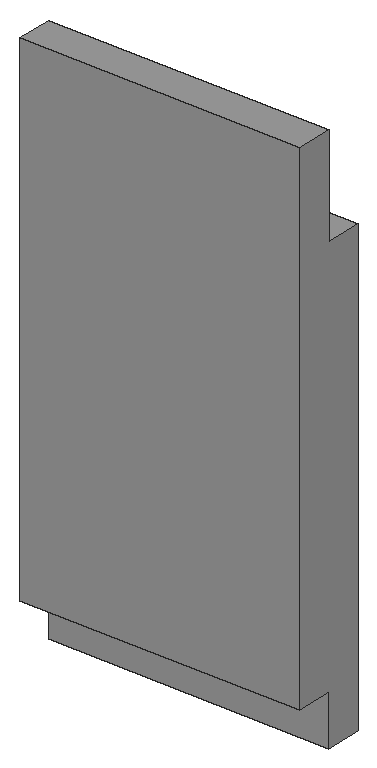
Revit family
Parameters (values of type "Gasbeton con risega")
  spessore blocco [instance] = 130 mm
  risega blocco superiore [instance] = 280 mm
  risega blocco inferiore [instance] = 190 mm
  risega blocco [instance] = 117 mm
  risega [instance] = no
  larghezza blocco sx [instance] = 250 mm
  larghezza blocco dx [instance] = 250 mm
  larghezza blocco [instance] = 250 mm
  altezza blocco [instance] = 992 mm
  Assembly Code = ""
Reference planes
  plane 1 "Centro (Fronte/Retro)": y = 0
  plane 2: z = 0
  plane 3 "Centro (Sinistra/Destra)": x = 0
  plane 4 "Sinistra": x = -250
  plane 5 "Destra": x = 250
  plane 6 "SUP": z = 4000
  plane 7: y = 130
  plane 8: z = 992
  plane 9: z = 812
  plane 10: z = 90
  plane 11: y = 65
  plane 12: z = -100
  plane 13: z = 992
  plane 14: z = 992
  plane 15: z = 1092
Forms (mm)
  Extrusion 1, solid, material "Intonaco_bianco"
    sketch origin (0, 0, 0) x (0, 1, 0) y (0, 0, 1)
      loop
        line (0, 992) -> (0, 0) -> (130, 0) -> (130, 992) -> (0, 992)
    from -250 to 250
  Extrusion 2, void
    sketch origin (0, 0, 0) x (1, 0, 0) y (0, 1, 0)
      loop
        line (-250, 130) -> (-250, 65) -> (250, 65) -> (250, 130) -> (-250, 130)
    from 812 to 1092
  Extrusion 3, void
    sketch origin (0, 0, 0) x (1, 0, 0) y (0, 1, 0)
      loop
        line (-250, 65) -> (-250, 0) -> (250, 0) -> (250, 65) -> (-250, 65)
    from -100 to 90
Cuts and joins
  Extrusion 2, Extrusion 3 cuts Extrusion 1
Text (mm)
  text "Esterno" at (-2351.972, 1416.179, 0), in view "Livello rif."
  text "Esterno" at (0, 2290.741, 4406.713), in view "Sinistra"
  text "Esterno" at (0, 1328.187, 4120.349), in view "Destra"
Dimensions and locks
  "spessore blocco": plane 1 "Centro (Fronte/Retro)" to plane 7
  "altezza blocco": plane 8 to level
  equal spacing: plane 7, plane 11, plane 1 "Centro (Fronte/Retro)", locked at 65 each
  "larghezza blocco sx": Extrusion 1 to plane 3 "Centro (Sinistra/Destra)"
  "larghezza blocco dx": plane 3 "Centro (Sinistra/Destra)" to Extrusion 1
  locked: plane 15 to plane 14 at 100
  locked: plane 2 to plane 12 at 100
  "risega blocco superiore": plane 15 to plane 9
  "risega blocco inferiore": plane 10 to plane 12
  aligned and locked: plane 8 to Extrusion 1
  aligned and locked: plane 1 "Centro (Fronte/Retro)" to Extrusion 1
  aligned and locked: plane 7 to Extrusion 1
  aligned and locked: Extrusion 1 to level
  aligned and locked: Extrusion 1 to Extrusion 2 sketch curve
  aligned and locked: Extrusion 2 sketch curve to Extrusion 1  (x2)
  aligned and locked: plane 11 to Extrusion 2 sketch curve
  aligned and locked: Extrusion 3 sketch curve to cut or joined group of Extrusion 1, Extrusion 2, Extrusion 3  (x3)
  aligned and locked: cut or joined group of Extrusion 1, Extrusion 2, Extrusion 3 to Extrusion 3 sketch curve
  aligned and locked: Extrusion 3 to plane 12
  aligned and locked: plane 15 to Extrusion 2
  aligned and locked: Extrusion 2 to plane 9
Automatic sketch dimensions
  Extrusion 1 sketch curve to plane 1 "Centro (Fronte/Retro)" = 0 mm
  Extrusion 1 sketch curve to plane 7 = 0 mm
  Extrusion 1 sketch curve to level = 0 mm
  Extrusion 1 sketch curve to plane 8 = 0 mm
